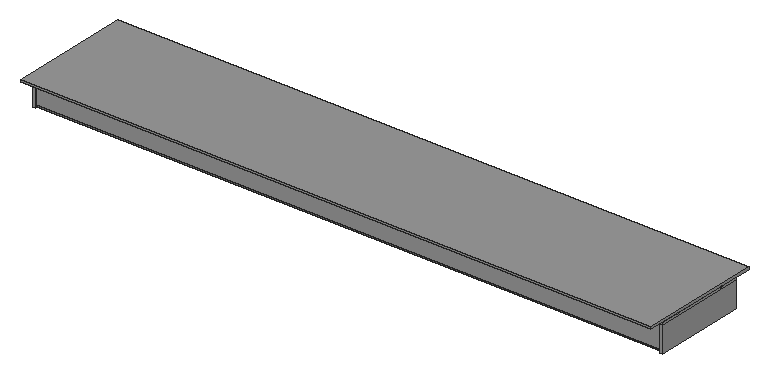
Revit family "Berica 2.2 M", category Lighting Fixtures, Revit 2020 (continued)
Definition of nested family "Light Source Berica 2.2"
  Parameters (values of type "L 45°x96°")
      8 662.03 640.94 622.28 604.85 589.52 575.94 \r\n562.96 552.77 542.96 534.20 528.40 523.54 519.60 516.22 \r\n512.40 508.85 505.23 501.52 497.16 491.65 486.01 480.01 \r\n473.42 467.86 461.81 456.00 449.98 445.07 440.34 435.73 \r\n430.54 425.71 420.70 415.04 410.01 404.69 398.79 393.44 \r\n387.09 381.59 375.08 369.50 362.23 356.57 349.76 343.13 \r\n336.99 329.79 324.17 317.82 311.75 305.44 299.05 292.94 \r\n285.12 276.86 267.94 259.88 258.36 257.26 258.36 259.88 \r\n267.94 276.86 285.12 292.94 299.05 305.44 311.75 317.82 \r\n324.17 329.79 336.99 343.13 349.76 356.57 362.23 369.50 \r\n375.08 381.59 387.09 393.44 398.79 404.69 410.01 415.04 \r\n420.70 425.71 430.54 435.73 440.34 445.07 449.98 456.00 \r\n461.81 467.86 473.42 480.01 486.01 491.65 497.16 501.52 \r\n505.23 508.85 512.40 516.22 519.60 523.54 528.40 534.20 \r\n542.96 552.77 562.96 575.94 589.52 604.85 622.28 640.94 \r\n662.03 685.28 710.70 740.47 772.53 809.13 849.85 893.02 \r\n939.83 989.65 1040.88 1100.48 1156.26 1213.38 1273.93 \r\n1330.16 1384.99 1440.06 1493.72 1542.82 1584.13 1628.00 \r\n1665.61 1698.37 1725.56 1750.48 1768.79 1783.07 1790.23 \r\n1795.66 1797.56 1796.12 \r\n1796.12 1796.13 1792.95 1788.07 1777.66 1762.17 1743.19 \r\n1719.07 1688.72 1654.75 1615.05 1571.54 1523.98 1481.74 \r\n1424.36 1372.60 1314.55 1260.40 1196.15 1144.87 1082.73 \r\n1030.26 976.65 926.07 878.73 838.34 798.75 765.16 733.08 \r\n704.36 678.95 657.19 634.47 618.46 601.51 586.20 572.79 \r\n561.73 550.87 542.26 533.24 526.66 523.20 519.66 516.84 \r\n514.15 510.30 507.08 503.06 498.77 493.50 487.69 481.07 \r\n475.55 469.66 463.85 457.74 451.81 447.21 442.52 438.33 \r\n432.47 428.02 422.42 417.52 412.02 406.53 400.64 395.59 \r\n389.10 383.55 377.31 370.64 364.00 358.68 350.14 344.72 \r\n337.96 330.93 324.65 318.07 311.62 306.07 299.34 292.39 \r\n284.48 274.39 265.88 259.55 258.30 257.82 258.30 259.55 \r\n265.88 274.39 284.48 292.39 299.34 306.07 311.62 318.07 \r\n324.65 330.93 337.96 344.72 350.14 358.68 364.00 370.64 \r\n377.31 383.55 389.10 395.59 400.64 406.53 412.02 417.52 \r\n422.42 428.02 432.47 438.33 442.52 447.21 451.81 457.74 \r\n463.85 469.66 475.55 481.07 487.69 493.50 498.77 503.06 \r\n507.08 510.30 514.15 516.84 519.66 523.20 526.66 533.24 \r\n542.26 550.87 561.73 572.79 586.20 601.51 618.46 634.47 \r\n657.19 678.95 704.36 733.08 765.16 798.75 838.34 878.73 \r\n926.07 976.65 1030.26 1082.73 1144.87 1196.15 1260.40 \r\n1314.55 1372.60 1424.36 1481.74 1523.98 1571.54 1615.05 \r\n1654.75 1688.72 1719.07 1743.19 1762.17 1777.66 1788.07 \r\n1792.95 1796.13 1796.12 \r\n1796.12 1797.56 1795.66 1790.23 1783.07 1768.79 1750.48 \r\n1725.56 1698.37 1665.61 1628.00 1584.13 1542.82 1493.72 \r\n1440.06 1384.99 1330.16 1273.93 1213.38 1156.26 1100.48 \r\n1040.88 989.65 939.83 893.02 849.85 809.13 772.53 740.47 \r\n710.70 685.28 662.03 640.94 622.28 604.85 589.52 575.94 \r\n562.96 552.77 542.96 534.20 528.40 523.54 519.60 516.22 \r\n512.40 508.85 505.23 501.52 497.16 491.65 486.01 480.01 \r\n473.42 467.86 461.81 456.00 449.98 445.07 440.34 435.73 \r\n430.54 425.71 420.70 415.04 410.01 404.69 398.79 393.44 \r\n387.09 381.59 375.08 369.50 362.23 356.57 349.76 343.13 \r\n336.99 329.79 324.17 317.82 311.75 305.44 299.05 292.94 \r\n285.12 276.86 267.94 259.88 258.36 257.26 258.36 259.88 \r\n267.94 276.86 285.12 292.94 299.05 305.44 311.75 317.82 \r\n324.17 329.79 336.99 343.13 349.76 356.57 362.23 369.50 \r\n375.08 381.59 387.09 393.44 398.79 404.69 410.01 415.04 \r\n420.70 425.71 430.54 435.73 440.34 445.07 449.98 456.00 \r\n461.81 467.86 473.42 480.01 486.01 491.65 497.16 501.52 \r\n505.23 508.85 512.40 516.22 519.60 523.54 528.40 534.20 \r\n542.96 552.77 562.96 575.94 589.52 604.85 622.28 640.94 \r\n662.03 685.28 710.70 740.47 772.53 809.13 849.85 893.02 \r\n939.83 989.65 1040.88 1100.48 1156.26 1213.38 1273.93 \r\n1330.16 1384.99 1440.06 1493.72 1542.82 1584.13 1628.00 \r\n1665.61 1698.37 1725.56 1750.48 1768.79 1783.07 1790.23 \r\n1795.66 1797.56 1796.12 \r\n1796.12 1797.93 1795.47 1791.21 1783.34 1771.19 1752.76 \r\n1728.79 1701.02 1668.91 1631.77 1593.26 1548.11 1499.75 \r\n1447.50 1394.85 1337.87 1285.17 1225.44 1165.48 1112.48 \r\n1053.44 1002.04 949.40 904.45 857.65 817.77 783.52 749.06 \r\n718.22 693.69 670.28 647.91 626.93 609.85 594.68 579.69 \r\n567.27 556.11 546.37 537.37 530.67 525.96 520.95 516.54 \r\n512.26 507.90 503.99 500.69 496.07 490.75 485.17 478.42 \r\n472.08 465.56 459.63 453.33 446.58 441.21 436.52 430.93 \r\n426.32 420.72 415.67 410.17 404.40 399.61 393.75 387.50 \r\n382.02 375.78 369.57 363.59 356.97 350.86 344.20 337.79 \r\n331.73 324.91 318.55 311.95 306.19 300.25 294.71 287.59 \r\n281.33 273.17 263.84 257.15 254.48 253.94 254.48 257.15 \r\n263.84 273.17 281.33 287.59 294.71 300.25 306.19 311.95 \r\n318.55 324.91 331.73 337.79 344.20 350.86 356.97 363.59 \r\n369.57 375.78 382.02 387.50 393.75 399.61 404.40 410.17 \r\n415.67 420.72 426.32 430.93 436.52 441.21 446.58 453.33 \r\n459.63 465.56 472.08 478.42 485.17 490.75 496.07 500.69 \r\n503.99 507.90 512.26 516.54 520.95 525.96 530.67 537.37 \r\n546.37 556.11 567.27 579.69 594.68 609.85 626.93 647.91 \r\n670.28 693.69 718.22 749.06 783.52 817.77 857.65 904.45 \r\n949.40 1002.04 1053.44 1112.48 1165.48 1225.44 1285.17 \r\n1337.87 1394.85 1447.50 1499.75 1548.11 1593.26 1631.77 \r\n1668.91 1701.02 1728.79 1752.76 1771.19 1783.34 1791.21 \r\n1795.47 1797.93 1796.12 \r\n1796.12 1798.04 1796.12 1791.54 1784.25 1772.41 1753.94 \r\n1732.43 1705.31 1673.22 1639.20 1598.98 1556.60 1511.60 \r\n1462.35 1410.23 1356.13 1296.63 1241.38 1183.34 1130.38 \r\n1074.13 1021.64 971.49 920.08 876.08 834.71 797.41 760.99 \r\n732.06 705.88 681.47 657.93 637.84 618.86 601.90 587.67 \r\n573.99 561.95 551.72 541.89 533.97 528.03 523.23 517.00 \r\n511.64 507.19 502.40 498.07 493.77 488.23 481.50 475.23 \r\n468.26 461.68 454.75 447.81 440.94 434.89 428.74 424.07 \r\n418.40 412.70 407.29 401.14 395.81 389.53 383.81 377.99 \r\n372.02 365.37 360.09 353.29 347.34 340.17 334.15 327.58 \r\n320.92 315.30 309.26 303.06 297.02 291.62 284.98 279.78 \r\n273.02 265.99 257.33 250.84 247.79 247.73 247.79 250.84 \r\n257.33 265.99 273.02 279.78 284.98 291.62 297.02 303.06 \r\n309.26 315.30 320.92 327.58 334.15 340.17 347.34 353.29 \r\n360.09 365.37 372.02 377.99 383.81 389.53 395.81 401.14 \r\n407.29 412.70 418.40 424.07 428.74 434.89 440.94 447.81 \r\n454.75 461.68 468.26 475.23 481.50 488.23 493.77 498.07 \r\n502.40 507.19 511.64 517.00 523.23 528.03 533.97 541.89 \r\n551.72 561.95 573.99 587.67 601.90 618.86 637.84 657.93 \r\n681.47 705.88 732.06 760.99 797.41 834.71 876.08 920.08 \r\n971.49 1021.64 1074.13 1130.38 1183.34 1241.38 1296.63 \r\n1356.13 1410.23 1462.35 1511.60 1556.60 1598.98 1639.20 \r\n1673.22 1705.31 1732.43 1753.94 1772.41 1784.25 1791.54 \r\n1796.12 1798.04 1796.12 \r\n1796.12 1798.64 1796.33 1792.50 1785.40 1774.49 1757.10 \r\n1736.34 1711.17 1681.07 1648.80 1611.73 1573.20 1527.15 \r\n1476.11 1427.36 1376.93 1319.33 1264.51 1210.75 1154.39 \r\n1098.40 1050.01 995.75 947.69 900.63 858.14 817.68 781.95 \r\n750.40 722.16 695.32 672.83 650.57 630.28 612.75 597.57 \r\n582.87 570.32 559.06 548.01 539.40 529.76 524.91 519.11 \r\n512.94 506.07 500.12 494.62 489.94 484.55 478.39 471.48 \r\n463.96 456.95 449.06 442.09 434.66 427.46 420.08 414.44 \r\n408.57 402.46 396.09 390.21 384.91 377.75 371.81 365.18 \r\n359.36 352.59 346.67 340.42 334.44 327.63 321.59 314.89 \r\n308.29 302.47 296.35 290.56 284.83 279.33 273.60 268.29 \r\n262.05 255.74 248.70 242.15 239.62 238.57 239.62 242.15 \r\n248.70 255.74 262.05 268.29 273.60 279.33 284.83 290.56 \r\n296.35 302.47 308.29 314.89 321.59 327.63 334.44 340.42 \r\n346.67 352.59 359.36 365.18 371.81 377.75 384.91 390.21 \r\n396.09 402.46 408.57 414.44 420.08 427.46 434.66 442.09 \r\n449.06 456.95 463.96 471.48 478.39 484.55 489.94 494.62 \r\n500.12 506.07 512.94 519.11 524.91 529.76 539.40 548.01 \r\n559.06 570.32 582.87 597.57 612.75 630.28 650.57 672.83 \r\n695.32 722.16 750.40 781.95 817.68 858.14 900.63 947.69 \r\n995.75 1050.01 1098.40 1154.39 1210.75 1264.51 1319.33 \r\n1376.93 1427.36 1476.11 1527.15 1573.20 1611.73 1648.80 \r\n1681.07 1711.17 1736.34 1757.10 1774.49 1785.40 1792.50 \r\n1796.33 1798.64 1796.12 \r\n1796.12 1798.78 1796.95 1792.71 1787.28 1776.14 1761.93 \r\n1740.17 1716.45 1689.47 1659.42 1625.45 1584.56 1543.84 \r\n1501.01 1449.02 1399.52 1348.15 1294.14 1240.58 1187.43 \r\n1130.57 1080.80 1028.28 979.52 932.65 886.97 846.71 \r\n808.32 774.45 745.76 716.83 691.45 668.39 645.89 627.81 \r\n609.85 594.79 580.39 567.35 555.36 544.83 535.62 526.66 \r\n520.03 514.40 507.29 500.33 493.38 486.59 480.56 474.44 \r\n467.40 459.43 451.15 443.86 435.65 427.39 419.09 411.34 \r\n404.25 396.76 391.15 383.73 377.44 371.03 364.17 358.14 \r\n351.49 344.77 337.92 331.52 324.86 319.11 312.50 306.15 \r\n300.06 293.02 287.06 281.10 275.57 269.67 264.21 259.01 \r\n254.26 248.52 243.89 236.07 231.25 228.13 227.04 228.13 \r\n231.25 236.07 243.89 248.52 254.26 259.01 264.21 269.67 \r\n275.57 281.10 287.06 293.02 300.06 306.15 312.50 319.11 \r\n324.86 331.52 337.92 344.77 351.49 358.14 364.17 371.03 \r\n377.44 383.73 391.15 396.76 404.25 411.34 419.09 427.39 \r\n435.65 443.86 451.15 459.43 467.40 474.44 480.56 486.59 \r\n493.38 500.33 507.29 514.40 520.03 526.66 535.62 544.83 \r\n555.36 567.35 580.39 594.79 609.85 627.81 645.89 668.39 \r\n691.45 716.83 745.76 774.45 808.32 846.71 886.97 932.65 \r\n979.52 1028.28 1080.80 1130.57 1187.43 1240.58 1294.14 \r\n1348.15 1399.52 1449.02 1501.01 1543.84 1584.56 1625.45 \r\n1659.42 1689.47 1716.45 1740.17 1761.93 1776.14 1787.28 \r\n1792.71 1796.95 1798.78 1796.12 \r\n1796.12 1798.78 1797.82 1793.45 1788.12 1779.17 1764.88 \r\n1748.56 1725.11 1700.81 1672.90 1638.12 1603.81 1564.64 \r\n1520.63 1476.91 1429.16 1382.58 1328.87 1277.99 1224.27 \r\n1174.10 1120.55 1068.60 1019.32 969.99 926.54 882.80 \r\n842.91 804.45 775.50 744.36 717.17 689.89 668.80 647.26 \r\n628.00 610.60 593.85 580.17 567.00 554.78 543.71 533.58 \r\n524.15 516.43 510.10 502.49 493.87 486.39 478.34 470.96 \r\n464.34 456.19 447.70 438.95 429.97 421.01 412.95 403.63 \r\n395.35 386.66 379.49 372.05 365.33 358.08 351.48 343.41 \r\n337.02 329.70 323.04 316.63 309.46 303.06 295.96 289.55 \r\n283.11 276.43 270.61 264.09 258.53 252.71 247.03 242.02 \r\n237.85 232.18 227.84 222.29 217.26 214.54 213.04 214.54 \r\n217.26 222.29 227.84 232.18 237.85 242.02 247.03 252.71 \r\n258.53 264.09 270.61 276.43 283.11 289.55 295.96 303.06 \r\n309.46 316.63 323.04 329.70 337.02 343.41 351.48 358.08 \r\n365.33 372.05 379.49 386.66 395.35 403.63 412.95 421.01 \r\n429.97 438.95 447.70 456.19 464.34 470.96 478.34 486.39 \r\n493.87 502.49 510.10 516.43 524.15 533.58 543.71 554.78 \r\n567.00 580.17 593.85 610.60 628.00 647.26 668.80 689.89 \r\n717.17 744.36 775.50 804.45 842.91 882.80 926.54 969.99 \r\n1019.32 1068.60 1120.55 1174.10 1224.27 1277.99 1328.87 \r\n1382.58 1429.16 1476.91 1520.63 1564.64 1603.81 1638.12 \r\n1672.90 1700.81 1725.11 1748.56 1764.88 1779.17 1788.12 \r\n1793.45 1797.82 1798.78 1796.12 \r\n1796.12 1798.75 1797.82 1794.63 1789.41 1781.33 1768.87 \r\n1752.38 1733.45 1710.43 1683.10 1654.65 1621.44 1587.07 \r\n1549.90 1505.59 1462.51 1415.22 1367.70 1317.23 1268.06 \r\n1217.30 1167.82 1116.88 1067.01 1017.31 971.21 927.80 \r\n884.65 844.75 811.73 780.38 749.17 719.81 694.60 671.63 \r\n649.04 631.43 612.26 596.98 581.74 567.59 555.63 543.17 \r\n533.32 522.48 512.97 504.29 496.71 488.29 479.07 470.50 \r\n462.07 453.53 444.97 435.22 426.52 416.86 407.41 398.18 \r\n387.93 378.90 369.16 361.44 353.85 346.26 338.10 330.98 \r\n323.34 316.09 308.07 301.00 293.98 286.67 280.12 272.69 \r\n266.76 259.17 252.73 246.56 240.04 234.56 228.89 224.21 \r\n218.91 214.77 210.01 205.77 201.75 198.94 197.90 198.94 \r\n201.75 205.77 210.01 214.77 218.91 224.21 228.89 234.56 \r\n240.04 246.56 252.73 259.17 266.76 272.69 280.12 286.67 \r\n293.98 301.00 308.07 316.09 323.34 330.98 338.10 346.26 \r\n353.85 361.44 369.16 378.90 387.93 398.18 407.41 416.86 \r\n426.52 435.22 444.97 453.53 462.07 470.50 479.07 488.29 \r\n496.71 504.29 512.97 522.48 533.32 543.17 555.63 567.59 \r\n581.74 596.98 612.26 631.43 649.04 671.63 694.60 719.81 \r\n749.17 780.38 811.73 844.75 884.65 927.80 971.21 1017.31 \r\n1067.01 1116.88 1167.82 1217.30 1268.06 1317.23 1367.70 \r\n1415.22 1462.51 1505.59 1549.90 1587.07 1621.44 1654.65 \r\n1683.10 1710.43 1733.45 1752.38 1768.87 1781.33 1789.41 \r\n1794.63 1797.82 1798.75 1796.12 \r\n1796.12 1798.50 1797.50 1795.05 1790.68 1783.73 1773.05 \r\n1759.93 1741.65 1721.22 1696.84 1672.12 1641.57 1611.40 \r\n1573.88 1537.04 1499.78 1453.16 1410.52 1363.46 1316.51 \r\n1265.09 1221.66 1169.58 1120.94 1073.65 1024.78 983.55 \r\n935.70 896.81 859.82 823.19 790.32 760.55 728.74 704.88 \r\n679.35 657.67 637.02 618.09 602.55 586.36 571.79 557.70 \r\n545.07 532.46 522.70 510.89 501.48 491.81 482.18 472.28 \r\n463.23 453.26 444.11 434.46 424.40 414.74 403.33 394.04 \r\n383.30 373.08 363.33 353.35 343.77 335.51 326.64 318.75 \r\n310.77 302.11 294.22 286.49 279.40 271.71 264.17 257.08 \r\n249.48 242.62 235.48 228.92 222.60 216.37 210.88 205.05 \r\n200.95 196.24 192.78 188.77 184.86 182.70 181.02 182.70 \r\n184.86 188.77 192.78 196.24 200.95 205.05 210.88 216.37 \r\n222.60 228.92 235.48 242.62 249.48 257.08 264.17 271.71 \r\n279.40 286.49 294.22 302.11 310.77 318.75 326.64 335.51 \r\n343.77 353.35 363.33 373.08 383.30 394.04 403.33 414.74 \r\n424.40 434.46 444.11 453.26 463.23 472.28 482.18 491.81 \r\n501.48 510.89 522.70 532.46 545.07 557.70 571.79 586.36 \r\n602.55 618.09 637.02 657.67 679.35 704.88 728.74 760.55 \r\n790.32 823.19 859.82 896.81 935.70 983.55 1024.78 1073.65 \r\n1120.94 1169.58 1221.66 1265.09 1316.51 1363.46 1410.52 \r\n1453.16 1499.78 1537.04 1573.88 1611.40 1641.57 1672.12 \r\n1696.84 1721.22 1741.65 1759.93 1773.05 1783.73 1790.68 \r\n1795.05 1797.50 1798.50 1796.12 \r\n1796.12 1798.68 1798.49 1796.12 1791.58 1785.80 1777.25 \r\n1765.04 1750.82 1731.74 1711.92 1688.04 1662.75 1634.86 \r\n1603.82 1569.27 1531.16 1495.61 1452.39 1412.18 1365.68 \r\n1323.95 1277.13 1229.21 1182.00 1135.14 1087.12 1042.50 \r\n998.90 955.10 919.43 878.25 844.39 807.00 776.72 746.44 \r\n718.80 692.96 669.98 647.95 628.72 610.11 593.14 576.71 \r\n562.55 547.41 534.77 522.72 511.08 499.87 487.84 477.10 \r\n465.95 456.08 444.96 434.66 424.53 414.12 402.41 392.48 \r\n380.65 370.02 358.78 348.14 338.08 326.51 317.36 307.63 \r\n299.26 290.27 281.60 273.00 264.97 256.43 249.04 241.22 \r\n234.16 226.41 219.67 212.20 205.51 199.06 193.01 188.29 \r\n182.94 179.06 175.26 171.39 167.91 165.65 163.98 165.65 \r\n167.91 171.39 175.26 179.06 182.94 188.29 193.01 199.06 \r\n205.51 212.20 219.67 226.41 234.16 241.22 249.04 256.43 \r\n264.97 273.00 281.60 290.27 299.26 307.63 317.36 326.51 \r\n338.08 348.14 358.78 370.02 380.65 392.48 402.41 414.12 \r\n424.53 434.66 444.96 456.08 465.95 477.10 487.84 499.87 \r\n511.08 522.72 534.77 547.41 562.55 576.71 593.14 610.11 \r\n628.72 647.95 669.98 692.96 718.80 746.44 776.72 807.00 \r\n844.39 878.25 919.43 955.10 998.90 1042.50 1087.12 \r\n1135.14 1182.00 1229.21 1277.13 1323.95 1365.68 1412.18 \r\n1452.39 1495.61 1531.16 1569.27 1603.82 1634.86 1662.75 \r\n1688.04 1711.92 1731.74 1750.82 1765.04 1777.25 1785.80 \r\n1791.58 1796.12 1798.49 1798.68 1796.12 \r\n1796.12 1798.52 1798.62 1796.07 1792.52 1787.80 1781.22 \r\n1770.85 1758.08 1743.63 1725.63 1704.63 1682.56 1656.89 \r\n1629.48 1600.00 1568.44 1532.35 1498.25 1460.37 1419.06 \r\n1377.20 1337.19 1292.71 1247.16 1202.81 1156.93 1115.68 \r\n1067.41 1026.24 986.00 945.16 907.06 869.96 834.71 801.99 \r\n770.10 739.84 713.56 686.84 664.16 643.63 622.93 603.50 \r\n585.39 568.46 553.50 539.52 525.13 511.10 497.59 485.57 \r\n473.19 460.00 448.80 436.74 425.12 414.02 402.60 390.72 \r\n379.41 366.97 355.51 344.07 331.95 321.93 310.11 299.70 \r\n289.50 279.42 269.73 261.06 252.37 243.43 234.89 226.35 \r\n219.09 210.06 203.30 196.02 189.27 182.44 176.05 170.50 \r\n165.48 160.99 156.94 153.91 150.54 148.16 146.96 148.16 \r\n150.54 153.91 156.94 160.99 165.48 170.50 176.05 182.44 \r\n189.27 196.02 203.30 210.06 219.09 226.35 234.89 243.43 \r\n252.37 261.06 269.73 279.42 289.50 299.70 310.11 321.93 \r\n331.95 344.07 355.51 366.97 379.41 390.72 402.60 414.02 \r\n425.12 436.74 448.80 460.00 473.19 485.57 497.59 511.10 \r\n525.13 539.52 553.50 568.46 585.39 603.50 622.93 643.63 \r\n664.16 686.84 713.56 739.84 770.10 801.99 834.71 869.96 \r\n907.06 945.16 986.00 1026.24 1067.41 1115.68 1156.93 \r\n1202.81 1247.16 1292.71 1337.19 1377.20 1419.06 1460.37 \r\n1498.25 1532.35 1568.44 1600.00 1
